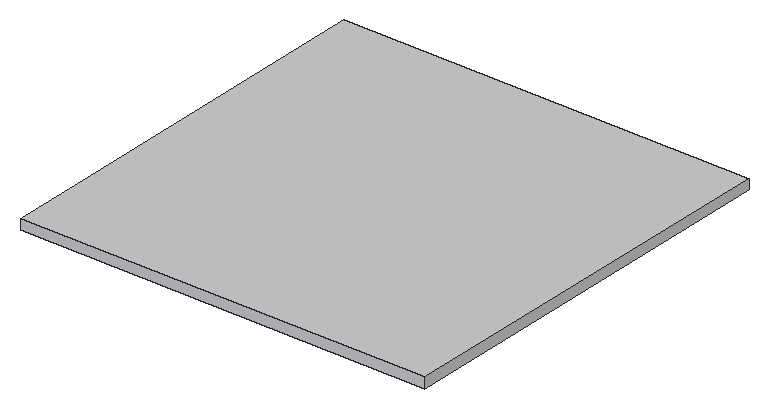
Revit family "DOMO SENSIA UE Transformador", category Aparatos sanitarios, Revit 2015
Parameters (values of type "79601")
  URL = "http://www.prestoiberica.com/urinario/electronicos/presto-domo-sensia-ue?c=es"
  Teléfono = "(+34) 915 782 575"
  TIPO DE AGUA = ""
  REFERENCIA = "79601"
  Presión Máxima = "8 bar"
  PESO BRUTO = "0.750 Kg"
  Modelo = "PRESTO DOMO SENSIA UE"
  Material = Presto Ibérica: LATON NIQUELADO
  Imagen de tipo = <Ninguno>
  Fabricante = "PRESTO IBÉRICA"
  Default Elevation = 1219.2 mm
  ENTRADA = "Macho 1/2\""
  Descripción = "Grifo electrónico para urinario, fijación mural."
  Código de montaje = "C1030220"
  Contacto = "info@prestoiberica.com"
  Conexión AF = yes
  Conexión AC = yes
  Comentarios de tipo = "◦Descarga de 4 seg después de que el usuario haya abandonado el urinario\r\n◦Proceso automático de adaptación al medio\r\nPack de batería estanco IP65 compuesto por una batería de 6 V\r\n◦Indicación de batería baja mediante LED de comunicación\r\n◦Presión de uso recomendada: 1-5 bar (min, 08 – max 8 bar)\r\n◦Ahorro de agua y energía\r\n◦Componentes integrados: mantenimiento sencillo y excelente estanqueidad\r\n◦Conexiones internas estancas\r\n◦Cierre automático en caso de pila agotada\r\n◦Aclarado automático cada 24h\r\n◦Suministrado con: Batería CPR2\r\n◦Sistema de fijación antivandálico con placa intermedia\r\n◦Transformacion"
  CIERRE = ""
  CAUDAL = "1 L/Min"
  Accionamiento = ""
Reference planes
  plane 1 "Centro (Frontal/Posterior)": y = 0
  plane 2: z = 0
  plane 3 "Centro (Izquierda/Derecha)": x = 0
Forms (mm)
  Extrusion 1, solid
    sketch origin (0, 0, 0) x (1, 0, 0) y (0, 1, 0)
      loop
        line (-100, 100) -> (-100, -100) -> (100, -100) -> (100, 100) -> (-100, 100)
    from 0 to -5
Dimensions and locks
  Extrusion 1 sketch curve to plane 1 "Centro (Frontal/Posterior)" = 100 mm
  aligned and locked: plane 2 to Extrusion 1
  aligned and locked: level to Extrusion 1
Connectors
  piping at (0, 37, -60), diameter 12.7
    settings: on import instance, index 1, connector inside diameter 609.6 mm, connector length 0 mm, flow factor 0, pipe flow 0.0 L/s, pressure drop 0.0 Pa, fitting loss kfactor 0, connector angle 0.00°, fixture units 0, engagement length 0 mm, angle of deflection 0.00°, flow configuration 0, flow direction 1, fitting loss method 0, system type 20, joint type 0, gender type 0, connector reference index -1, connector utility 0, adjustable connector no, is connector primary yes, connector description ""
